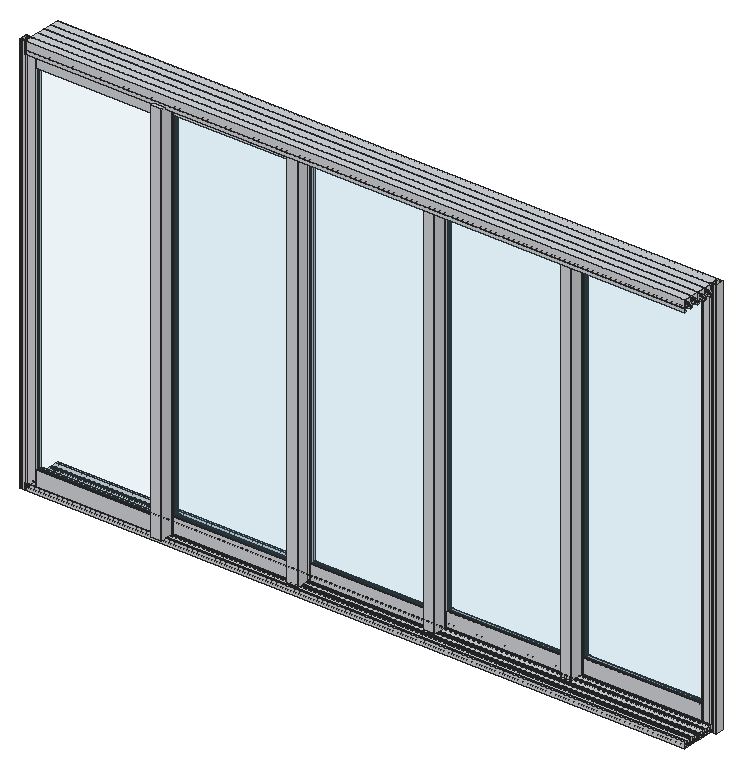
Revit family "MT-HB_SLIDING DOOR_XXXXX", category Doors, host Wall, Revit 2017 (continued)
Definition of nested family "HB_SLIDING_GLAZED PANEL_XXX"
  Definition of nested family "DETAIL_SGL_HB_BOTTOM RAIL"
    Lines and regions (mm)
      model lines, in view "Ref. Level"
        curve 75: line (-10.3, -8.2, 0) -> (-11.434, -8.2, 0)
        curve 76: line (-11.43, -2.8, 0) -> (-10.3, -2.8, 0)
        curve 77: line (-10.3, -2.8, 0) -> (-10.3, -3.505, 0)
        curve 78: line (-9.5, -3.505, 0) -> (-9.5, -2, 0)
        curve 79: line (-9.9, -1.6, 0) -> (-12.3, -1.6, 0)
        curve 80: line (-12.7, -1.2, 0) -> (-12.7, -0.4, 0)
        curve 81: line (-13.1, 0, 0) -> (-22.1, 0, 0)
        curve 82: line (-22.5, -0.4, 0) -> (-22.5, -119.502, 0)
        curve 83: line (-22, -120.002, 0) -> (-21, -120.002, 0)
        curve 84: line (-20.5, -119.502, 0) -> (-20.5, -72.999, 0)
        curve 85: line (-20, -72.499, 0) -> (-13.75, -72.499, 0)
        curve 86: line (-13.75, -72.499, 0) -> (-13.25, -71.999, 0)
        curve 87: line (-13.25, -71.999, 0) -> (-12.75, -72.499, 0)
        curve 88: line (-12.75, -72.499, 0) -> (12.75, -72.499, 0)
        curve 89: line (12.75, -72.499, 0) -> (13.25, -71.999, 0)
        curve 90: line (13.25, -71.999, 0) -> (13.75, -72.499, 0)
        curve 91: line (13.75, -72.499, 0) -> (20, -72.499, 0)
        curve 92: line (-15.5, -26.199, 0) -> (-15.5, -22.502, 0)
        curve 93: line (-16, -22.002, 0) -> (-20, -22.002, 0)
        curve 94: line (-20.5, -22.502, 0) -> (-20.5, -34.548, 0)
        curve 95: line (-20.368, -34.735, 0) -> (-19.097, -35.198, 0)
        curve 96: line (-19.097, -35.762, 0) -> (-20.368, -36.225, 0)
        curve 97: line (-20.5, -36.412, 0) -> (-20.5, -60.286, 0)
        curve 98: line (-20.368, -60.474, 0) -> (-19.097, -60.937, 0)
        curve 99: line (-19.097, -61.5, 0) -> (-20.368, -61.963, 0)
        curve 100: line (-20.5, -62.151, 0) -> (-20.5, -69.499, 0)
        curve 101: line (-20, -69.999, 0) -> (20, -69.999, 0)
        curve 102: line (20.5, -69.499, 0) -> (20.5, -62.151, 0)
        curve 103: line (20.368, -61.963, 0) -> (19.097, -61.5, 0)
        curve 104: line (19.097, -60.937, 0) -> (20.368, -60.474, 0)
        curve 105: line (20.5, -60.286, 0) -> (20.5, -36.412, 0)
        curve 106: line (20.368, -36.225, 0) -> (19.097, -35.762, 0)
        curve 107: line (19.097, -35.198, 0) -> (20.368, -34.735, 0)
        curve 108: line (20.5, -34.548, 0) -> (20.5, -27.199, 0)
        curve 109: line (20, -26.699, 0) -> (4.606, -26.699, 0)
        curve 110: line (2.106, -24.199, 0) -> (2.106, -22.502, 0)
        curve 111: line (1.606, -22.002, 0) -> (-13, -22.002, 0)
        curve 112: line (-13.5, -22.502, 0) -> (-13.5, -26.199, 0)
        curve 113: line (-14, -26.699, 0) -> (-15, -26.699, 0)
  Definition of nested family "DETAIL_DBL_HB_BOTTOM RAIL"
    Reference planes
      plane 1 "Center (Front/Back)": y = 0
      plane 2: z = 0
      plane 3 "Center (Left/Right)": x = 0
      plane 4: x = -22.5
      plane 5: x = 22.5
      plane 6: y = -120.002
    Lines and regions (mm)
      model lines, in view "Ref. Level"
        curve 1: arc (-19.097, -35.762, 0) -> (-18.9, -35.48, 0) -> (-19.097, -35.198, 0) r 0.3
        curve 2: arc (-20.368, -34.735, 0) -> (-20.464, -34.662, 0) -> (-20.5, -34.548, 0) r 0.2
        curve 3: arc (-20.5, -22.502, 0) -> (-20.354, -22.149, 0) -> (-20, -22.002, 0) r 0.5
        curve 4: arc (-16, -22.002, 0) -> (-15.646, -22.149, 0) -> (-15.5, -22.502, 0) r 0.5
        curve 5: arc (-15.5, -26.199, 0) -> (-15.354, -26.553, 0) -> (-15, -26.699, 0) r 0.5
        curve 6: arc (-14, -26.699, 0) -> (-13.646, -26.553, 0) -> (-13.5, -26.199, 0) r 0.5
        curve 7: arc (-13.5, -22.502, 0) -> (-13.354, -22.149, 0) -> (-13, -22.002, 0) r 0.5
        curve 8: arc (1.606, -22.002, 0) -> (1.96, -22.149, 0) -> (2.106, -22.502, 0) r 0.5
        curve 9: arc (2.106, -24.199, 0) -> (2.839, -25.967, 0) -> (4.606, -26.699, 0) r 2.5
        curve 10: arc (20, -26.699, 0) -> (20.354, -26.846, 0) -> (20.5, -27.199, 0) r 0.5
        curve 11: arc (20.5, -34.548, 0) -> (20.464, -34.662, 0) -> (20.368, -34.735, 0) r 0.2
        curve 12: arc (19.097, -35.198, 0) -> (18.9, -35.48, 0) -> (19.097, -35.762, 0) r 0.3
        curve 13: arc (20.368, -36.225, 0) -> (20.464, -36.298, 0) -> (20.5, -36.412, 0) r 0.2
        curve 14: arc (20.5, -60.286, 0) -> (20.464, -60.401, 0) -> (20.368, -60.474, 0) r 0.2
        curve 15: arc (19.097, -60.937, 0) -> (18.9, -61.219, 0) -> (19.097, -61.5, 0) r 0.3
        curve 16: arc (20.368, -61.963, 0) -> (20.464, -62.036, 0) -> (20.5, -62.151, 0) r 0.2
        curve 17: arc (20.5, -69.499, 0) -> (20.354, -69.853, 0) -> (20, -69.999, 0) r 0.5
        curve 18: arc (-20, -69.999, 0) -> (-20.354, -69.853, 0) -> (-20.5, -69.499, 0) r 0.5
        curve 19: arc (-20.5, -62.151, 0) -> (-20.464, -62.036, 0) -> (-20.368, -61.963, 0) r 0.2
        curve 20: arc (-19.097, -61.5, 0) -> (-18.9, -61.219, 0) -> (-19.097, -60.937, 0) r 0.3
        curve 21: arc (-20.368, -60.474, 0) -> (-20.464, -60.401, 0) -> (-20.5, -60.286, 0) r 0.2
        curve 22: arc (-20.5, -36.412, 0) -> (-20.464, -36.298, 0) -> (-20.368, -36.225, 0) r 0.2
        curve 23: arc (-19.5, -6.999, 0) -> (-19.854, -6.852, 0) -> (-20, -6.499, 0) r 0.5
        curve 24: arc (-20, -4.499, 0) -> (-19.854, -4.145, 0) -> (-19.5, -3.999, 0) r 0.5
        curve 25: arc (-18.448, -3.999, 0) -> (-18.319, -3.958, 0) -> (-18.246, -3.843, 0) r 0.2
        curve 26: arc (-18.246, -3.843, 0) -> (-18.106, -3.315, 0) -> (-17.93, -2.799, 0) r 7.567
        curve 27: arc (-16.8, -3.49, 0) -> (-16.408, -3.905, 0) -> (-16, -3.505, 0) r 0.4
        curve 28: arc (-16, -2, 0) -> (-16.117, -1.717, 0) -> (-16.4, -1.6, 0) r 0.4
        curve 29: arc (-18.8, -1.6, 0) -> (-19.154, -1.454, 0) -> (-19.3, -1.1, 0) r 0.5
        curve 30: arc (-19.3, -0.4, 0) -> (-19.417, -0.117, 0) -> (-19.7, 0, 0) r 0.4
        curve 31: arc (-22.1, 0, 0) -> (-22.383, -0.117, 0) -> (-22.5, -0.4, 0) r 0.4
        curve 32: arc (-22.5, -119.502, 0) -> (-22.354, -119.856, 0) -> (-22, -120.002, 0) r 0.5
        curve 33: arc (-21, -120.002, 0) -> (-20.646, -119.856, 0) -> (-20.5, -119.502, 0) r 0.5
        curve 34: arc (-20.5, -72.999, 0) -> (-20.354, -72.646, 0) -> (-20, -72.499, 0) r 0.5
        curve 35: arc (20, -72.499, 0) -> (20.354, -72.646, 0) -> (20.5, -72.999, 0) r 0.5
        curve 36: arc (20.5, -119.502, 0) -> (20.646, -119.856, 0) -> (21, -120.002, 0) r 0.5
        curve 37: arc (22.1, -120.002, 0) -> (22.414, -119.844, 0) -> (22.5, -119.502, 0) r 0.423
        curve 38: arc (22.5, -20.199, 0) -> (22.441, -20.058, 0) -> (22.3, -19.999, 0) r 0.2
        curve 39: arc (19.454, -22.146, 0) -> (19.345, -22.691, 0) -> (19.807, -22.999, 0) r 0.5
        curve 40: arc (20.511, -22.999, 0) -> (20.652, -23.058, 0) -> (20.711, -23.199, 0) r 0.2
        curve 41: arc (20.711, -24.399, 0) -> (20.623, -24.611, 0) -> (20.411, -24.699, 0) r 0.3
        curve 42: arc (4.606, -24.699, 0) -> (4.253, -24.553, 0) -> (4.106, -24.199, 0) r 0.5
        curve 43: arc (4.106, -22.199, 0) -> (4.253, -21.846, 0) -> (4.606, -21.699, 0) r 0.5
        curve 44: arc (5.371, -21.699, 0) -> (5.562, -21.737, 0) -> (5.725, -21.846, 0) r 0.5
        curve 45: arc (6.187, -22.308, 0) -> (6.328, -22.366, 0) -> (6.47, -22.308, 0) r 0.2
        curve 46: arc (6.823, -21.954, 0) -> (6.931, -21.792, 0) -> (6.97, -21.601, 0) r 0.5
        curve 47: arc (6.97, -20.499, 0) -> (6.842, -20.165, 0) -> (6.524, -20.002, 0) r 0.5
        curve 48: arc (-20, -20.002, 0) -> (-20.354, -19.856, 0) -> (-20.5, -19.502, 0) r 0.5
        curve 49: arc (-20.5, -8.615, 0) -> (-20.302, -8.217, 0) -> (-19.864, -8.134, 0) r 0.5
        curve 50: arc (-19.864, -8.134, 0) -> (-19.697, -8.173, 0) -> (-19.528, -8.194, 0) r 1.7
        curve 51: arc (-19.528, -8.194, 0) -> (-19.264, -8.294, 0) -> (-19.097, -8.521, 0) r 0.5
        curve 52: arc (-19.097, -8.521, 0) -> (-18.947, -8.902, 0) -> (-18.779, -9.276, 0) r 8.767
        curve 53: arc (-18.779, -9.276, 0) -> (-18.706, -9.359, 0) -> (-18.599, -9.39, 0) r 0.2
        curve 54: arc (-17.097, -9.39, 0) -> (-16.898, -9.465, 0) -> (-16.8, -9.654, 0) r 0.3
        curve 55: arc (-16.8, -9.654, 0) -> (-16.379, -10.006, 0) -> (-16.002, -9.606, 0) r 0.4
        curve 56: arc (-16.002, -7.521, 0) -> (-16.389, -7.095, 0) -> (-16.802, -7.495, 0) r 0.4
        curve 57: line (-20.368, -36.225, 0) -> (-19.097, -35.762, 0)
        curve 58: line (-19.097, -35.198, 0) -> (-20.368, -34.735, 0)
        curve 59: line (-20.5, -34.548, 0) -> (-20.5, -22.502, 0)
        curve 60: line (-20, -22.002, 0) -> (-16, -22.002, 0)
        curve 61: line (-15.5, -22.502, 0) -> (-15.5, -26.199, 0)
        curve 62: line (-15, -26.699, 0) -> (-14, -26.699, 0)
        curve 63: line (-13.5, -26.199, 0) -> (-13.5, -22.502, 0)
        curve 64: line (-13, -22.002, 0) -> (1.606, -22.002, 0)
        curve 65: line (2.106, -22.502, 0) -> (2.106, -24.199, 0)
        curve 66: line (4.606, -26.699, 0) -> (20, -26.699, 0)
        curve 67: line (20.5, -27.199, 0) -> (20.5, -34.548, 0)
        curve 68: line (20.368, -34.735, 0) -> (19.097, -35.198, 0)
        curve 69: line (19.097, -35.762, 0) -> (20.368, -36.225, 0)
        curve 70: line (20.5, -36.412, 0) -> (20.5, -60.286, 0)
        curve 71: line (20.368, -60.474, 0) -> (19.097, -60.937, 0)
        curve 72: line (19.097, -61.5, 0) -> (20.368, -61.963, 0)
        curve 73: line (20.5, -62.151, 0) -> (20.5, -69.499, 0)
        curve 74: line (20, -69.999, 0) -> (-20, -69.999, 0)
        curve 75: line (-20.5, -69.499, 0) -> (-20.5, -62.151, 0)
        curve 76: line (-20.368, -61.963, 0) -> (-19.097, -61.5, 0)
        curve 77: line (-19.097, -60.937, 0) -> (-20.368, -60.474, 0)
        curve 78: line (-20.5, -60.286, 0) -> (-20.5, -36.412, 0)
        curve 79: line (-18.444, -6.999, 0) -> (-19.5, -6.999, 0)
        curve 80: line (-20, -6.499, 0) -> (-20, -4.499, 0)
        curve 81: line (-19.5, -3.999, 0) -> (-18.448, -3.999, 0)
        curve 82: line (-17.93, -2.799, 0) -> (-16.8, -2.799, 0)
        curve 83: line (-16.8, -2.799, 0) -> (-16.8, -3.49, 0)
        curve 84: line (-16, -3.505, 0) -> (-16, -2, 0)
        curve 85: line (-16.4, -1.6, 0) -> (-18.8, -1.6, 0)
        curve 86: line (-19.3, -1.1, 0) -> (-19.3, -0.4, 0)
        curve 87: line (-19.7, 0, 0) -> (-22.1, 0, 0)
        curve 88: line (-22.5, -0.4, 0) -> (-22.5, -119.502, 0)
        curve 89: line (-22, -120.002, 0) -> (-21, -120.002, 0)
        curve 90: line (-20.5, -119.502, 0) -> (-20.5, -72.999, 0)
        curve 91: line (-20, -72.499, 0) -> (-13.75, -72.499, 0)
        curve 92: line (-13.75, -72.499, 0) -> (-13.25, -71.999, 0)
        curve 93: line (-13.25, -71.999, 0) -> (-12.75, -72.499, 0)
        curve 94: line (-12.75, -72.499, 0) -> (12.75, -72.499, 0)
        curve 95: line (12.75, -72.499, 0) -> (13.25, -71.999, 0)
        curve 96: line (13.25, -71.999, 0) -> (13.75, -72.499, 0)
        curve 97: line (13.75, -72.499, 0) -> (20, -72.499, 0)
        curve 98: line (20.5, -72.999, 0) -> (20.5, -119.502, 0)
        curve 99: line (21, -120.002, 0) -> (22.1, -120.002, 0)
        curve 100: line (22.5, -119.502, 0) -> (22.5, -20.199, 0)
        curve 101: line (22.3, -19.999, 0) -> (21.683, -19.999, 0)
        curve 102: line (21.683, -19.999, 0) -> (19.454, -22.146, 0)
        curve 103: line (19.807, -22.999, 0) -> (20.511, -22.999, 0)
        curve 104: line (20.711, -23.199, 0) -> (20.711, -24.399, 0)
        curve 105: line (20.411, -24.699, 0) -> (13.75, -24.699, 0)
        curve 106: line (13.75, -24.699, 0) -> (13.25, -25.199, 0)
        curve 107: line (13.25, -25.199, 0) -> (12.75, -24.699, 0)
        curve 108: line (12.75, -24.699, 0) -> (4.606, -24.699, 0)
        curve 109: line (4.106, -24.199, 0) -> (4.106, -22.199, 0)
        curve 110: line (4.606, -21.699, 0) -> (5.371, -21.699, 0)
        curve 111: line (5.725, -21.846, 0) -> (6.187, -22.308, 0)
        curve 112: line (6.47, -22.308, 0) -> (6.823, -21.954, 0)
        curve 113: line (6.97, -21.601, 0) -> (6.97, -20.499, 0)
        curve 114: line (6.524, -20.002, 0) -> (-20, -20.002, 0)
        curve 115: line (-20.5, -19.502, 0) -> (-20.5, -8.615, 0)
        curve 116: line (-18.599, -9.39, 0) -> (-17.097, -9.39, 0)
        curve 117: line (-16.002, -9.606, 0) -> (-16.002, -7.521, 0)
        curve 118: line (-16.802, -7.495, 0) -> (-16.802, -8.2, 0)
        curve 119: line (-16.802, -8.2, 0) -> (-17.936, -8.2, 0)
        curve 120: arc (-17.936, -8.2, 0) -> (-18.111, -7.683, 0) -> (-18.249, -7.155, 0) r 7.567
        curve 121: arc (-18.249, -7.155, 0) -> (-18.319, -7.043, 0) -> (-18.444, -6.999, 0) r 0.2
    Dimensions and locks
      aligned and locked: plane 1 "Center (Front/Back)" to import instance
    Automatic sketch dimensions
      curve 9 to curve 42 = 0 mm  (x3)
      curve 23 to curve 50 = 0.1 mm
      curve 23 to curve 50 = 0 mm
      curve 26 to curve 120 = 0 mm  (x2)
      curve 32 to plane 4 = 0 mm
      plane 1 "Center (Front/Back)" to curve 87 = 0 mm
      curve 32 to plane 6 = 0 mm
      curve 99 to plane 6 = 0 mm
      curve 100 to plane 5 = 0 mm
      plane 4 to curve 87 = 0.4 mm
      curve 88 to curve 32 = 0.5 mm
      plane 6 to curve 33 = 0.5 mm
      curve 32 to curve 33 = 1 mm
      plane 4 to curve 115 = 2 mm
      plane 4 to curve 59 = 2 mm
      curve 78 to curve 2 = 0 mm
      curve 75 to curve 78 = 0 mm
      curve 78 to curve 77 = 0.132 mm
      curve 59 to curve 58 = 0.132 mm
      curve 78 to curve 57 = 0.132 mm
      curve 75 to curve 76 = 0.132 mm
      curve 78 to curve 21 = 0.2 mm
      curve 59 to curve 2 = 0.2 mm
      curve 75 to curve 19 = 0.2 mm
      curve 78 to curve 22 = 0.2 mm
      curve 115 to curve 49 = 0.5 mm
      curve 115 to curve 48 = 0.5 mm
      curve 3 to curve 60 = 0.5 mm
      curve 34 to curve 34 = 0.5 mm
      curve 75 to curve 74 = 0.5 mm
      curve 49 to curve 80 = 0 mm
      plane 1 "Center (Front/Back)" to curve 30 = 0.4 mm
      curve 31 to curve 30 = 2.4 mm
      curve 49 to curve 51 = 0.434 mm
      curve 24 to curve 24 = 0.5 mm
      curve 80 to curve 23 = 0.5 mm
      curve 2 to curve 1 = 1.168 mm
      curve 19 to curve 20 = 1.168 mm
      curve 20 to curve 77 = 0.103 mm
      curve 1 to curve 57 = 0.103 mm
      curve 1 to curve 58 = 0.103 mm
      curve 20 to curve 76 = 0.103 mm
      curve 29 to curve 29 = 0.5 mm
      curve 51 to curve 53 = 0.967 mm
      curve 24 to curve 81 = 1.052 mm
      curve 50 to curve 79 = 0.956 mm
      curve 81 to curve 25 = 0.008 mm
      curve 121 to curve 119 = 0.509 mm
      curve 25 to curve 82 = 0.511 mm
      curve 119 to curve 116 = 0.838 mm
      curve 120 to curve 118 = 1.134 mm
      curve 26 to curve 82 = 1.13 mm
      curve 54 to curve 55 = 0.695 mm
      curve 118 to curve 56 = 0.4 mm
      curve 82 to curve 28 = 0.4 mm
      curve 27 to curve 27 = 0.4 mm
      curve 56 to curve 117 = 0.399 mm
      curve 28 to curve 84 = 0.4 mm
      curve 3 to curve 60 = 4 mm
      curve 4 to curve 61 = 0.5 mm
      curve 5 to curve 62 = 0.5 mm
      curve 5 to curve 6 = 1 mm
      curve 91 to curve 92 = 6.25 mm
      curve 6 to curve 63 = 0.5 mm
      curve 91 to curve 92 = 0.5 mm
      curve 7 to curve 64 = 0.5 mm
      curve 92 to curve 93 = 0.5 mm
      curve 27 to curve 52 = 5.136 mm
      curve 52 to curve 120 = 0 mm
      plane 3 "Center (Left/Right)" to curve 64 = 1.606 mm
      curve 8 to curve 65 = 0.5 mm
      curve 9 to curve 109 = 2 mm
      curve 42 to curve 42 = 0.5 mm
      curve 43 to curve 110 = 0.5 mm
      curve 43 to curve 44 = 0.765 mm
      curve 44 to curve 111 = 0.354 mm
      curve 111 to curve 111 = 0.462 mm
      curve 111 to curve 45 = 0.141 mm  (x2)
      curve 44 to curve 47 = 0.745 mm
      curve 45 to curve 112 = 0.141 mm
      curve 45 to curve 46 = 0.141 mm
      curve 47 to curve 114 = 0.054 mm
      curve 46 to curve 112 = 0.354 mm
      curve 47 to curve 113 = 0.5 mm
      curve 94 to plane 5 = 9.75 mm
      curve 112 to curve 107 = 5.927 mm
      curve 94 to curve 96 = 0.5 mm
      curve 107 to curve 107 = 0.5 mm  (x2)
      curve 106 to curve 106 = 0.5 mm
      curve 95 to curve 97 = 0.5 mm
      curve 71 to plane 5 = 3.403 mm
      curve 68 to curve 69 = 0 mm
      curve 72 to curve 71 = 0 mm
      curve 68 to curve 12 = 0.103 mm
      curve 71 to curve 15 = 0.103 mm
      curve 102 to plane 5 = 3.046 mm
      curve 39 to curve 39 = 0.354 mm
      curve 10 to plane 5 = 2.5 mm
      curve 17 to plane 5 = 2.5 mm
      curve 35 to plane 5 = 2.5 mm
      curve 15 to curve 14 = 1.203 mm
      curve 72 to curve 16 = 1.203 mm
      curve 12 to curve 13 = 1.203 mm
      curve 68 to curve 11 = 1.203 mm
      curve 11 to curve 68 = 0.068 mm
      curve 13 to curve 69 = 0.068 mm
      curve 14 to curve 71 = 0.068 mm
      curve 16 to curve 72 = 0.068 mm
      curve 103 to curve 41 = 0.604 mm
      curve 16 to curve 73 = 0.2 mm
      curve 14 to curve 70 = 0.2 mm
      curve 11 to curve 67 = 0.2 mm
      curve 35 to curve 98 = 0.5 mm
      curve 103 to curve 40 = 0.704 mm
      curve 40 to curve 104 = 0.2 mm
      curve 36 to curve 36 = 0.5 mm
      curve 101 to plane 5 = 0.817 mm
      curve 37 to plane 5 = 0.416 mm
      curve 99 to plane 5 = 0.4 mm
      curve 101 to plane 5 = 0.2 mm
      plane 6 to curve 37 = 0.423 mm
      curve 33 to curve 90 = 46.503 mm
      curve 98 to curve 91 = 0.5 mm
      curve 91 to curve 93 = 0 mm
      curve 91 to curve 74 = 2.5 mm
      curve 73 to curve 16 = 7.348 mm
      curve 18 to curve 19 = 7.348 mm
      curve 19 to curve 76 = 0.463 mm
      curve 16 to curve 72 = 0.463 mm
      curve 20 to curve 20 = 0.282 mm
      curve 15 to curve 15 = 0.282 mm
      curve 77 to curve 77 = 0.463 mm
      curve 71 to curve 71 = 0.463 mm
      curve 21 to curve 22 = 23.874 mm
      curve 14 to curve 13 = 23.874 mm
      curve 13 to curve 69 = 0.463 mm
      curve 22 to curve 57 = 0.463 mm
      curve 69 to curve 12 = 0.282 mm
      curve 57 to curve 1 = 0.282 mm
      curve 1 to curve 58 = 0.463 mm
      curve 68 to curve 68 = 0.463 mm
      curve 67 to curve 67 = 7.348 mm
      curve 1 to curve 62 = 8.499 mm
      curve 104 to curve 104 = 1.2 mm
      curve 9 to curve 65 = 1.697 mm
      curve 61 to curve 7 = 0 mm
      curve 39 to curve 39 = 0.5 mm
      curve 42 to curve 112 = 1.891 mm
      curve 42 to curve 109 = 2 mm
      curve 44 to curve 44 = 0.5 mm
      curve 112 to curve 112 = 0.354 mm
      curve 46 to curve 113 = 1.101 mm
      curve 40 to curve 100 = 2.8 mm
      curve 54 to curve 30 = 9.29 mm
      curve 54 to curve 55 = 0.083 mm
      curve 54 to curve 116 = 0.3 mm
      curve 53 to curve 53 = 0.2 mm
      curve 53 to curve 51 = 0.497 mm
      curve 51 to curve 115 = 0.077 mm
      curve 54 to curve 118 = 1.19 mm
      curve 118 to curve 117 = 0.679 mm
      curve 120 to curve 121 = 1.001 mm
      curve 121 to curve 79 = 0.2 mm
      curve 79 to curve 23 = 0.5 mm
      curve 56 to curve 52 = 2.014 mm
      curve 52 to curve 26 = 0 mm
      curve 80 to curve 80 = 2 mm
      curve 81 to curve 25 = 0.2 mm
      curve 25 to curve 84 = 0.338 mm
      curve 25 to curve 82 = 1.044 mm
      curve 82 to curve 28 = 0.799 mm
      curve 50 to curve 49 = 0 mm
      curve 51 to curve 50 = 0 mm
      curve 79 to curve 23 = 0 mm
      curve 23 to curve 79 = 0 mm
      curve 52 to curve 51 = 0 mm
      curve 114 to curve 48 = 0 mm
      curve 69 to curve 13 = 1.403 mm
  Definition of nested family "DETAIL_HB106_DBL_INTERLOCK"
    Reference planes
      plane 1 "Center (Front/Back)": y = 0
      plane 2: z = 0
      plane 3 "Center (Left/Right)": x = 0
    Lines and regions (mm)
      detail lines, in view "Ref. Level"
        curve 1: arc (76.142, -18.25, 0) -> (75.86, -18.425, 0) -> (75.75, -18.738, 0) r 0.5
        curve 2: arc (75.75, -19, 0) -> (75.604, -19.354, 0) -> (75.25, -19.5, 0) r 0.5
        curve 3: arc (73.75, -19.5, 0) -> (73.396, -19.354, 0) -> (73.25, -19, 0) r 0.5
        curve 4: arc (73.25, -18.738, 0) -> (73.14, -18.425, 0) -> (72.858, -18.25, 0) r 0.5
        curve 5: arc (72.858, -18.25, 0) -> (72.394, -18.131, 0) -> (71.937, -17.983, 0) r 7.567
        curve 6: arc (71.937, -17.983, 0) -> (71.841, -17.91, 0) -> (71.805, -17.795, 0) r 0.2
        curve 7: arc (71.805, -17.2, 0) -> (71.922, -16.917, 0) -> (72.205, -16.8, 0) r 0.4
        curve 8: arc (72.7, -16.8, 0) -> (72.841, -16.741, 0) -> (72.9, -16.6, 0) r 0.2
        curve 9: arc (72.9, -16.2, 0) -> (72.841, -16.059, 0) -> (72.7, -16, 0) r 0.2
        curve 10: arc (69.205, -16, 0) -> (68.922, -16.117, 0) -> (68.805, -16.4, 0) r 0.4
        curve 11: arc (68.805, -17.558, 0) -> (68.859, -17.758, 0) -> (69.005, -17.904, 0) r 0.4
        curve 12: arc (69.9, -18.421, 0) -> (70.046, -18.567, 0) -> (70.1, -18.767, 0) r 0.4
        curve 13: arc (70.1, -20.1, 0) -> (69.983, -20.383, 0) -> (69.7, -20.5, 0) r 0.4
        curve 14: arc (69.7, 20.5, 0) -> (69.983, 20.383, 0) -> (70.1, 20.1, 0) r 0.4
        curve 15: arc (70.1, 18.767, 0) -> (70.046, 18.567, 0) -> (69.9, 18.421, 0) r 0.4
        curve 16: arc (69.005, 17.904, 0) -> (68.859, 17.758, 0) -> (68.805, 17.558, 0) r 0.4
        curve 17: arc (68.805, 16.4, 0) -> (68.922, 16.117, 0) -> (69.205, 16, 0) r 0.4
        curve 18: arc (72.7, 16, 0) -> (72.841, 16.059, 0) -> (72.9, 16.2, 0) r 0.2
        curve 19: arc (72.9, 16.6, 0) -> (72.841, 16.741, 0) -> (72.7, 16.8, 0) r 0.2
        curve 20: arc (72.205, 16.8, 0) -> (71.922, 16.917, 0) -> (71.805, 17.2, 0) r 0.4
        curve 21: arc (71.805, 17.795, 0) -> (71.841, 17.91, 0) -> (71.937, 17.983, 0) r 0.2
        curve 22: arc (71.937, 17.983, 0) -> (72.394, 18.131, 0) -> (72.858, 18.25, 0) r 7.567
        curve 23: arc (72.858, 18.25, 0) -> (73.14, 18.425, 0) -> (73.25, 18.738, 0) r 0.5
        curve 24: arc (73.25, 19, 0) -> (73.396, 19.354, 0) -> (73.75, 19.5, 0) r 0.5
        curve 25: arc (75.25, 19.5, 0) -> (75.604, 19.354, 0) -> (75.75, 19, 0) r 0.5
        curve 26: arc (75.75, 18.738, 0) -> (75.86, 18.425, 0) -> (76.142, 18.25, 0) r 0.5
        curve 27: arc (76.142, 18.25, 0) -> (76.612, 18.129, 0) -> (77.073, 17.979, 0) r 7.567
        curve 28: arc (77.073, 17.979, 0) -> (77.169, 17.906, 0) -> (77.205, 17.791, 0) r 0.2
        curve 29: arc (77.205, 17.2, 0) -> (77.088, 16.917, 0) -> (76.805, 16.8, 0) r 0.4
        curve 30: arc (76.3, 16.8, 0) -> (76.159, 16.741, 0) -> (76.1, 16.6, 0) r 0.2
        curve 31: arc (76.1, 16.2, 0) -> (76.159, 16.059, 0) -> (76.3, 16, 0) r 0.2
        curve 32: arc (78, 16, 0) -> (78.283, 16.117, 0) -> (78.4, 16.4, 0) r 0.4
        curve 33: arc (78.4, 18.7, 0) -> (78.546, 19.054, 0) -> (78.9, 19.2, 0) r 0.5
        curve 34: arc (79.6, 19.2, 0) -> (79.883, 19.317, 0) -> (80, 19.6, 0) r 0.4
        curve 35: arc (80, 22, 0) -> (79.854, 22.354, 0) -> (79.5, 22.5, 0) r 0.5
        curve 36: arc (79.5, -22.5, 0) -> (79.854, -22.354, 0) -> (80, -22, 0) r 0.5
        curve 37: arc (80, -19.6, 0) -> (79.883, -19.317, 0) -> (79.6, -19.2, 0) r 0.4
        curve 38: arc (78.9, -19.2, 0) -> (78.546, -19.054, 0) -> (78.4, -18.7, 0) r 0.5
        curve 39: arc (78.4, -16.4, 0) -> (78.283, -16.117, 0) -> (78, -16, 0) r 0.4
        curve 40: arc (76.3, -16, 0) -> (76.159, -16.059, 0) -> (76.1, -16.2, 0) r 0.2
        curve 41: arc (76.1, -16.6, 0) -> (76.159, -16.741, 0) -> (76.3, -16.8, 0) r 0.2
        curve 42: arc (76.805, -16.8, 0) -> (77.088, -16.917, 0) -> (77.205, -17.2, 0) r 0.4
        curve 43: line (75.75, -18.738, 0) -> (75.75, -19, 0)
        curve 44: line (75.25, -19.5, 0) -> (73.75, -19.5, 0)
        curve 45: line (73.25, -19, 0) -> (73.25, -18.738, 0)
        curve 46: line (71.805, -17.795, 0) -> (71.805, -17.2, 0)
        curve 47: line (72.205, -16.8, 0) -> (72.7, -16.8, 0)
        curve 48: line (72.9, -16.6, 0) -> (72.9, -16.2, 0)
        curve 49: line (72.7, -16, 0) -> (69.205, -16, 0)
        curve 50: line (68.805, -16.4, 0) -> (68.805, -17.558, 0)
        curve 51: line (69.005, -17.904, 0) -> (69.9, -18.421, 0)
        curve 52: line (70.1, -18.767, 0) -> (70.1, -20.1, 0)
        curve 53: line (69.7, -20.5, 0) -> (51, -20.5, 0)
        curve 54: line (51, 20.5, 0) -> (69.7, 20.5, 0)
        curve 55: line (70.1, 20.1, 0) -> (70.1, 18.767, 0)
        curve 56: line (69.9, 18.421, 0) -> (69.005, 17.904, 0)
        curve 57: line (68.805, 17.558, 0) -> (68.805, 16.4, 0)
        curve 58: line (69.205, 16, 0) -> (72.7, 16, 0)
        curve 59: line (72.9, 16.2, 0) -> (72.9, 16.6, 0)
        curve 60: line (72.7, 16.8, 0) -> (72.205, 16.8, 0)
        curve 61: line (71.805, 17.2, 0) -> (71.805, 17.795, 0)
        curve 62: line (73.25, 18.738, 0) -> (73.25, 19, 0)
        curve 63: line (73.75, 19.5, 0) -> (75.25, 19.5, 0)
        curve 64: line (75.75, 19, 0) -> (75.75, 18.738, 0)
        curve 65: line (77.205, 17.791, 0) -> (77.205, 17.2, 0)
        curve 66: line (76.805, 16.8, 0) -> (76.3, 16.8, 0)
        curve 67: line (76.1, 16.6, 0) -> (76.1, 16.2, 0)
        curve 68: line (76.3, 16, 0) -> (78, 16, 0)
        curve 69: line (78.4, 16.4, 0) -> (78.4, 18.7, 0)
        curve 70: line (78.9, 19.2, 0) -> (79.6, 19.2, 0)
        curve 71: line (80, 19.6, 0) -> (80, 22, 0)
        curve 72: line (80, -22, 0) -> (80, -19.6, 0)
        curve 73: line (79.6, -19.2, 0) -> (78.9, -19.2, 0)
        curve 74: line (78.4, -18.7, 0) -> (78.4, -16.4, 0)
        curve 75: line (78, -16, 0) -> (76.3, -16, 0)
        curve 76: line (76.1, -16.2, 0) -> (76.1, -16.6, 0)
        curve 77: line (76.3, -16.8, 0) -> (76.805, -16.8, 0)
        curve 78: line (77.205, -17.2, 0) -> (77.205, -17.791, 0)
        curve 79: arc (77.205, -17.791, 0) -> (77.169, -17.906, 0) -> (77.073, -17.979, 0) r 0.2
        curve 80: arc (77.073, -17.979, 0) -> (76.612, -18.129, 0) -> (76.142, -18.25, 0) r 7.567
        curve 81: arc (3.5, 22.5, 0) -> (1.025, 21.475, 0) -> (0, 19, 0) r 3.5
        curve 82: arc (0, -33.55, 0) -> (0.879, -35.671, 0) -> (3, -36.55, 0) r 3
        curve 83: arc (5.67, -36.55, 0) -> (6.17, -36.05, 0) -> (5.67, -35.55, 0) r 0.5
        curve 84: arc (11.27, -35.55, 0) -> (10.77, -36.05, 0) -> (11.27, -36.55, 0) r 0.5
        curve 85: arc (13.42, -36.55, 0) -> (13.632, -36.462, 0) -> (13.72, -36.25, 0) r 0.3
        curve 86: arc (13.72, -33.254, 0) -> (13.427, -32.547, 0) -> (12.72, -32.254, 0) r 1
        curve 87: arc (2.5, -31.254, 0) -> (2.793, -31.962, 0) -> (3.5, -32.254, 0) r 1
        curve 88: arc (3.5, -22.5, 0) -> (2.793, -22.793, 0) -> (2.5, -23.5, 0) r 1
        curve 89: arc (27.976, -23, 0) -> (27.829, -22.646, 0) -> (27.476, -22.5, 0) r 0.5
        curve 90: arc (27.976, -31.1, 0) -> (28.708, -32.868, 0) -> (30.476, -33.6, 0) r 2.5
        curve 91: arc (42.407, -33.6, 0) -> (43.276, -32.79, 0) -> (42.528, -31.867, 0) r 0.871
        curve 92: arc (30.476, -29.303, 0) -> (30.721, -29.959, 0) -> (31.336, -30.294, 0) r 1
        curve 93: arc (30.976, -22.5, 0) -> (30.622, -22.646, 0) -> (30.476, -23, 0) r 0.5
        curve 94: arc (50, -19.5, 0) -> (50.293, -20.207, 0) -> (51, -20.5, 0) r 1
        curve 95: arc (51, 20.5, 0) -> (50.314, 20.228, 0) -> (50.002, 19.559, 0) r 1
        curve 96: arc (36.988, -20, 0) -> (37.138, -19.96, 0) -> (37.248, -19.85, 0) r 0.3
        curve 97: arc (37.508, -19.7, 0) -> (37.358, -19.74, 0) -> (37.248, -19.85, 0) r 0.3
        curve 98: arc (38.988, -20, 0) -> (38.9, -19.788, 0) -> (38.688, -19.7, 0) r 0.3
        curve 99: arc (38.988, -20, 0) -> (39.076, -20.212, 0) -> (39.288, -20.3, 0) r 0.3
        curve 100: arc (40.468, -20.3, 0) -> (40.618, -20.26, 0) -> (40.728, -20.15, 0) r 0.3
        curve 101: arc (40.988, -20, 0) -> (40.838, -20.04, 0) -> (40.728, -20.15, 0) r 0.3
        curve 102: arc (46.5, -20, 0) -> (47.207, -19.707, 0) -> (47.5, -19, 0) r 1
        curve 103: arc (47.5, 19, 0) -> (47.207, 19.707, 0) -> (46.5, 20, 0) r 1
        curve 104: arc (3.5, 20, 0) -> (2.793, 19.707, 0) -> (2.5, 19, 0) r 1
        curve 105: arc (2.5, -19, 0) -> (2.793, -19.707, 0) -> (3.5, -20, 0) r 1
        curve 106: line (79.5, 22.5, 0) -> (3.5, 22.5, 0)
        curve 107: line (0, 19, 0) -> (0, -33.55, 0)
        curve 108: line (3, -36.55, 0) -> (5.67, -36.55, 0)
        curve 109: line (5.67, -35.55, 0) -> (4.72, -35.55, 0)
        curve 110: line (4.72, -35.55, 0) -> (4.72, -34.25, 0)
        curve 111: line (4.72, -34.25, 0) -> (12.22, -34.25, 0)
        curve 112: line (12.22, -34.25, 0) -> (12.22, -35.55, 0)
        curve 113: line (12.22, -35.55, 0) -> (11.27, -35.55, 0)
        curve 114: line (11.27, -36.55, 0) -> (13.42, -36.55, 0)
        curve 115: line (13.72, -36.25, 0) -> (13.72, -33.254, 0)
        curve 116: line (12.72, -32.254, 0) -> (3.5, -32.254, 0)
        curve 117: line (2.5, -31.254, 0) -> (2.5, -23.5, 0)
        curve 118: line (3.5, -22.5, 0) -> (27.476, -22.5, 0)
        curve 119: line (27.976, -23, 0) -> (27.976, -31.1, 0)
        curve 120: line (30.476, -33.6, 0) -> (42.407, -33.6, 0)
        curve 121: line (42.528, -31.867, 0) -> (31.336, -30.294, 0)
        curve 122: line (30.476, -29.303, 0) -> (30.476, -23, 0)
        curve 123: line (30.976, -22.5, 0) -> (79.5, -22.5, 0)
        curve 124: line (50, -19.5, 0) -> (50, -0.383, 0)
        curve 125: line (50, -0.383, 0) -> (49.7, 0, 0)
        curve 126: line (49.7, 0, 0) -> (49.941, 0.241, 0)
        curve 127: line (49.941, 0.241, 0) -> (50.002, 19.559, 0)
        curve 128: line (38.688, -19.7, 0) -> (37.508, -19.7, 0)
        curve 129: line (40.468, -20.3, 0) -> (39.288, -20.3, 0)
        curve 130: line (46.5, -20, 0) -> (40.988, -20, 0)
        curve 131: line (47.5, 19, 0) -> (47.5, -19, 0)
        curve 132: line (3.5, 20, 0) -> (46.5, 20, 0)
        curve 133: line (2.5, -19, 0) -> (2.5, 19, 0)
        curve 134: line (36.988, -20, 0) -> (3.5, -20, 0)
  Definition of nested family "DETAIL_HB106_SGL_ INTERLOCK"
    Reference planes
      plane 1 "Center (Front/Back)": y = 0
      plane 2: z = 0
      plane 3 "Center (Left/Right)": x = 0
    Lines and regions (mm)
      model lines, in view "Ref. Level"
        curve 1: arc (65.782, 13.178, 0) -> (65.585, 13.029, 0) -> (65.483, 12.804, 0) r 0.5
        curve 2: arc (64.942, 9.735, 0) -> (64.986, 9.571, 0) -> (65.139, 9.5, 0) r 0.2
        curve 3: arc (67.7, 9.5, 0) -> (67.841, 9.559, 0) -> (67.9, 9.7, 0) r 0.2
        curve 4: arc (67.9, 10.1, 0) -> (67.841, 10.241, 0) -> (67.7, 10.3, 0) r 0.2
        curve 5: arc (66.805, 10.5, 0) -> (66.864, 10.359, 0) -> (67.005, 10.3, 0) r 0.2
        curve 6: arc (66.937, 11.483, 0) -> (66.841, 11.41, 0) -> (66.805, 11.295, 0) r 0.2
        curve 7: arc (72.073, 11.479, 0) -> (69.505, 11.93, 0) -> (66.937, 11.483, 0) r 7.567
        curve 8: arc (72.205, 11.291, 0) -> (72.169, 11.406, 0) -> (72.073, 11.479, 0) r 0.2
        curve 9: arc (72.005, 10.3, 0) -> (72.146, 10.359, 0) -> (72.205, 10.5, 0) r 0.2
        curve 10: arc (71.3, 10.3, 0) -> (71.159, 10.241, 0) -> (71.1, 10.1, 0) r 0.2
        curve 11: arc (71.1, 9.7, 0) -> (71.159, 9.559, 0) -> (71.3, 9.5, 0) r 0.2
        curve 12: arc (73, 9.5, 0) -> (73.283, 9.617, 0) -> (73.4, 9.9, 0) r 0.4
        curve 13: arc (73.9, 12.7, 0) -> (73.546, 12.554, 0) -> (73.4, 12.2, 0) r 0.5
        curve 14: arc (74.6, 12.7, 0) -> (74.883, 12.817, 0) -> (75, 13.1, 0) r 0.4
        curve 15: arc (75, 22.3, 0) -> (74.941, 22.441, 0) -> (74.8, 22.5, 0) r 0.2
        curve 16: arc (3.5, 22.5, 0) -> (1.025, 21.475, 0) -> (0, 19, 0) r 3.5
        curve 17: arc (0, -33.55, 0) -> (0.879, -35.671, 0) -> (3, -36.55, 0) r 3
        curve 18: arc (5.67, -36.55, 0) -> (6.17, -36.05, 0) -> (5.67, -35.55, 0) r 0.5
        curve 19: arc (11.27, -35.55, 0) -> (10.77, -36.05, 0) -> (11.27, -36.55, 0) r 0.5
        curve 20: arc (13.42, -36.55, 0) -> (13.632, -36.462, 0) -> (13.72, -36.25, 0) r 0.3
        curve 21: arc (13.72, -33.254, 0) -> (13.427, -32.547, 0) -> (12.72, -32.254, 0) r 1
        curve 22: arc (2.5, -31.254, 0) -> (2.793, -31.962, 0) -> (3.5, -32.254, 0) r 1
        curve 23: arc (3.5, -22.5, 0) -> (2.793, -22.793, 0) -> (2.5, -23.5, 0) r 1
        curve 24: arc (27.976, -23, 0) -> (27.829, -22.646, 0) -> (27.476, -22.5, 0) r 0.5
        curve 25: arc (27.976, -31.1, 0) -> (28.708, -32.868, 0) -> (30.476, -33.6, 0) r 2.5
        curve 26: arc (42.407, -33.6, 0) -> (43.276, -32.79, 0) -> (42.528, -31.867, 0) r 0.871
        curve 27: arc (30.476, -29.303, 0) -> (30.721, -29.959, 0) -> (31.336, -30.294, 0) r 1
        curve 28: arc (30.976, -22.5, 0) -> (30.622, -22.646, 0) -> (30.476, -23, 0) r 0.5
        curve 29: arc (74.8, -22.5, 0) -> (74.941, -22.441, 0) -> (75, -22.3, 0) r 0.2
        curve 30: arc (75, -13.1, 0) -> (74.883, -12.817, 0) -> (74.6, -12.7, 0) r 0.4
        curve 31: arc (73.4, -12.2, 0) -> (73.546, -12.554, 0) -> (73.9, -12.7, 0) r 0.5
        curve 32: arc (73.4, -9.9, 0) -> (73.283, -9.617, 0) -> (73, -9.5, 0) r 0.4
        curve 33: arc (71.3, -9.5, 0) -> (71.159, -9.559, 0) -> (71.1, -9.7, 0) r 0.2
        curve 34: arc (71.1, -10.1, 0) -> (71.159, -10.241, 0) -> (71.3, -10.3, 0) r 0.2
        curve 35: arc (72.205, -10.5, 0) -> (72.146, -10.359, 0) -> (72.005, -10.3, 0) r 0.2
        curve 36: arc (72.073, -11.479, 0) -> (72.169, -11.406, 0) -> (72.205, -11.291, 0) r 0.2
        curve 37: arc (66.937, -11.483, 0) -> (69.505, -11.93, 0) -> (72.073, -11.479, 0) r 7.567
        curve 38: arc (66.805, -11.295, 0) -> (66.841, -11.41, 0) -> (66.937, -11.483, 0) r 0.2
        curve 39: arc (67.005, -10.3, 0) -> (66.864, -10.359, 0) -> (66.805, -10.5, 0) r 0.2
        curve 40: arc (67.7, -10.3, 0) -> (67.841, -10.241, 0) -> (67.9, -10.1, 0) r 0.2
        curve 41: arc (67.9, -9.7, 0) -> (67.841, -9.559, 0) -> (67.7, -9.5, 0) r 0.2
        curve 42: arc (65.139, -9.5, 0) -> (64.986, -9.571, 0) -> (64.942, -9.735, 0) r 0.2
        curve 43: arc (65.483, -12.804, 0) -> (65.585, -13.029, 0) -> (65.782, -13.178, 0) r 0.5
        curve 44: arc (65.782, -13.178, 0) -> (68.244, -13.847, 0) -> (70.797, -13.842, 0) r 9.567
        curve 45: arc (72.5, -15.328, 0) -> (71.986, -14.198, 0) -> (70.797, -13.842, 0) r 1.5
        curve 46: arc (71.5, -20, 0) -> (72.207, -19.707, 0) -> (72.5, -19, 0) r 1
        curve 47: arc (50, -19, 0) -> (50.293, -19.707, 0) -> (51, -20, 0) r 1
        curve 48: arc (51, 20, 0) -> (50.293, 19.707, 0) -> (50, 19, 0) r 1
        curve 49: arc (72.5, 19, 0) -> (72.207, 19.707, 0) -> (71.5, 20, 0) r 1
        curve 50: arc (70.797, 13.842, 0) -> (71.986, 14.198, 0) -> (72.5, 15.328, 0) r 1.5
        curve 51: arc (70.797, 13.842, 0) -> (68.244, 13.847, 0) -> (65.782, 13.178, 0) r 9.567
        curve 52: arc (36.988, -20, 0) -> (37.138, -19.96, 0) -> (37.248, -19.85, 0) r 0.3
        curve 53: arc (37.508, -19.7, 0) -> (37.358, -19.74, 0) -> (37.248, -19.85, 0) r 0.3
        curve 54: arc (38.988, -20, 0) -> (38.9, -19.788, 0) -> (38.688, -19.7, 0) r 0.3
        curve 55: arc (38.988, -20, 0) -> (39.076, -20.212, 0) -> (39.288, -20.3, 0) r 0.3
        curve 56: arc (40.468, -20.3, 0) -> (40.618, -20.26, 0) -> (40.728, -20.15, 0) r 0.3
        curve 57: arc (40.988, -20, 0) -> (40.838, -20.04, 0) -> (40.728, -20.15, 0) r 0.3
        curve 58: arc (46.5, -20, 0) -> (47.207, -19.707, 0) -> (47.5, -19, 0) r 1
        curve 59: arc (47.5, 19, 0) -> (47.207, 19.707, 0) -> (46.5, 20, 0) r 1
        curve 60: arc (3.5, 20, 0) -> (2.793, 19.707, 0) -> (2.5, 19, 0) r 1
        curve 61: arc (2.5, -19, 0) -> (2.793, -19.707, 0) -> (3.5, -20, 0) r 1
        curve 62: line (65.483, 12.804, 0) -> (64.942, 9.735, 0)
        curve 63: line (65.139, 9.5, 0) -> (67.7, 9.5, 0)
        curve 64: line (67.9, 9.7, 0) -> (67.9, 10.1, 0)
        curve 65: line (67.7, 10.3, 0) -> (67.005, 10.3, 0)
        curve 66: line (66.805, 10.5, 0) -> (66.805, 11.295, 0)
        curve 67: line (72.205, 11.291, 0) -> (72.205, 10.5, 0)
        curve 68: line (72.005, 10.3, 0) -> (71.3, 10.3, 0)
        curve 69: line (71.1, 10.1, 0) -> (71.1, 9.7, 0)
        curve 70: line (71.3, 9.5, 0) -> (73, 9.5, 0)
        curve 71: line (73.4, 9.9, 0) -> (73.4, 12.2, 0)
        curve 72: line (73.9, 12.7, 0) -> (74.6, 12.7, 0)
        curve 73: line (75, 13.1, 0) -> (75, 22.3, 0)
        curve 74: line (74.8, 22.5, 0) -> (3.5, 22.5, 0)
        curve 75: line (0, 19, 0) -> (0, -33.55, 0)
        curve 76: line (3, -36.55, 0) -> (5.67, -36.55, 0)
        curve 77: line (5.67, -35.55, 0) -> (4.72, -35.55, 0)
        curve 78: line (4.72, -35.55, 0) -> (4.72, -34.25, 0)
        curve 79: line (4.72, -34.25, 0) -> (12.22, -34.25, 0)
        curve 80: line (12.22, -34.25, 0) -> (12.22, -35.55, 0)
        curve 81: line (12.22, -35.55, 0) -> (11.27, -35.55, 0)
        curve 82: line (11.27, -36.55, 0) -> (13.42, -36.55, 0)
        curve 83: line (13.72, -36.25, 0) -> (13.72, -33.254, 0)
        curve 84: line (12.72, -32.254, 0) -> (3.5, -32.254, 0)
        curve 85: line (2.5, -31.254, 0) -> (2.5, -23.5, 0)
        curve 86: line (3.5, -22.5, 0) -> (27.476, -22.5, 0)
        curve 87: line (27.976, -23, 0) -> (27.976, -31.1, 0)
        curve 88: line (30.476, -33.6, 0) -> (42.407, -33.6, 0)
        curve 89: line (42.528, -31.867, 0) -> (31.336, -30.294, 0)
        curve 90: line (30.476, -29.303, 0) -> (30.476, -23, 0)
        curve 91: line (30.976, -22.5, 0) -> (74.8, -22.5, 0)
        curve 92: line (75, -22.3, 0) -> (75, -13.1, 0)
        curve 93: line (74.6, -12.7, 0) -> (73.9, -12.7, 0)
        curve 94: line (73.4, -12.2, 0) -> (73.4, -9.9, 0)
        curve 95: line (73, -9.5, 0) -> (71.3, -9.5, 0)
        curve 96: line (71.1, -9.7, 0) -> (71.1, -10.1, 0)
        curve 97: line (71.3, -10.3, 0) -> (72.005, -10.3, 0)
        curve 98: line (72.205, -10.5, 0) -> (72.205, -11.291, 0)
        curve 99: line (66.805, -11.295, 0) -> (66.805, -10.5, 0)
        curve 100: line (67.005, -10.3, 0) -> (67.7, -10.3, 0)
        curve 101: line (67.9, -10.1, 0) -> (67.9, -9.7, 0)
        curve 102: line (67.7, -9.5, 0) -> (65.139, -9.5, 0)
        curve 103: line (64.942, -9.735, 0) -> (65.483, -12.804, 0)
        curve 104: line (72.5, -15.328, 0) -> (72.5, -19, 0)
        curve 105: line (71.5, -20, 0) -> (51, -20, 0)
        curve 106: line (50, -19, 0) -> (50, -0.383, 0)
        curve 107: line (50, -0.383, 0) -> (49.7, 0, 0)
        curve 108: line (49.7, 0, 0) -> (49.941, 0.241, 0)
        curve 109: line (49.941, 0.241, 0) -> (50, 19, 0)
        curve 110: line (51, 20, 0) -> (71.5, 20, 0)
        curve 111: line (72.5, 19, 0) -> (72.5, 15.328, 0)
        curve 112: line (38.688, -19.7, 0) -> (37.508, -19.7, 0)
        curve 113: line (40.468, -20.3, 0) -> (39.288, -20.3, 0)
        curve 114: line (46.5, -20, 0) -> (40.988, -20, 0)
        curve 115: line (47.5, 19, 0) -> (47.5, -19, 0)
        curve 116: line (3.5, 20, 0) -> (46.5, 20, 0)
        curve 117: line (2.5, -19, 0) -> (2.5, 19, 0)
        curve 118: line (36.988, -20, 0) -> (3.5, -20, 0)
  Definition of nested family "DETAIL_HB107_DBL_MEDIUM INTERLOCK"
    Reference planes
      plane 1 "Center (Front/Back)": y = 0
      plane 2: z = 0
      plane 3 "Center (Left/Right)": x = 0
    Lines and regions (mm)
      detail lines, in view "Ref. Level"
        curve 1: arc (76.142, -18.25, 0) -> (75.86, -18.425, 0) -> (75.75, -18.738, 0) r 0.5
        curve 2: arc (75.75, -19, 0) -> (75.604, -19.354, 0) -> (75.25, -19.5, 0) r 0.5
        curve 3: arc (73.75, -19.5, 0) -> (73.396, -19.354, 0) -> (73.25, -19, 0) r 0.5
        curve 4: arc (73.25, -18.738, 0) -> (73.14, -18.425, 0) -> (72.858, -18.25, 0) r 0.5
        curve 5: arc (72.858, -18.25, 0) -> (72.394, -18.131, 0) -> (71.937, -17.983, 0) r 7.567
        curve 6: arc (71.937, -17.983, 0) -> (71.841, -17.91, 0) -> (71.805, -17.795, 0) r 0.2
        curve 7: arc (71.805, -17.2, 0) -> (71.922, -16.917, 0) -> (72.205, -16.8, 0) r 0.4
        curve 8: arc (72.7, -16.8, 0) -> (72.841, -16.741, 0) -> (72.9, -16.6, 0) r 0.2
        curve 9: arc (72.9, -16.2, 0) -> (72.841, -16.059, 0) -> (72.7, -16, 0) r 0.2
        curve 10: arc (69.205, -16, 0) -> (68.922, -16.117, 0) -> (68.805, -16.4, 0) r 0.4
        curve 11: arc (68.805, -17.558, 0) -> (68.859, -17.758, 0) -> (69.005, -17.904, 0) r 0.4
        curve 12: arc (69.9, -18.421, 0) -> (70.046, -18.567, 0) -> (70.1, -18.767, 0) r 0.4
        curve 13: arc (70.1, -20.1, 0) -> (69.983, -20.383, 0) -> (69.7, -20.5, 0) r 0.4
        curve 14: arc (69.7, 20.5, 0) -> (69.983, 20.383, 0) -> (70.1, 20.1, 0) r 0.4
        curve 15: arc (70.1, 18.767, 0) -> (70.046, 18.567, 0) -> (69.9, 18.421, 0) r 0.4
        curve 16: arc (69.005, 17.904, 0) -> (68.859, 17.758, 0) -> (68.805, 17.558, 0) r 0.4
        curve 17: arc (68.805, 16.4, 0) -> (68.922, 16.117, 0) -> (69.205, 16, 0) r 0.4
        curve 18: arc (72.7, 16, 0) -> (72.841, 16.059, 0) -> (72.9, 16.2, 0) r 0.2
        curve 19: arc (72.9, 16.6, 0) -> (72.841, 16.741, 0) -> (72.7, 16.8, 0) r 0.2
        curve 20: arc (72.205, 16.8, 0) -> (71.922, 16.917, 0) -> (71.805, 17.2, 0) r 0.4
        curve 21: arc (71.805, 17.795, 0) -> (71.841, 17.91, 0) -> (71.937, 17.983, 0) r 0.2
        curve 22: arc (71.937, 17.983, 0) -> (72.394, 18.131, 0) -> (72.858, 18.25, 0) r 7.567
        curve 23: arc (72.858, 18.25, 0) -> (73.14, 18.425, 0) -> (73.25, 18.738, 0) r 0.5
        curve 24: arc (73.25, 19, 0) -> (73.396, 19.354, 0) -> (73.75, 19.5, 0) r 0.5
        curve 25: arc (75.25, 19.5, 0) -> (75.604, 19.354, 0) -> (75.75, 19, 0) r 0.5
        curve 26: arc (75.75, 18.738, 0) -> (75.86, 18.425, 0) -> (76.142, 18.25, 0) r 0.5
        curve 27: arc (76.142, 18.25, 0) -> (76.612, 18.129, 0) -> (77.073, 17.979, 0) r 7.567
        curve 28: arc (77.073, 17.979, 0) -> (77.169, 17.906, 0) -> (77.205, 17.791, 0) r 0.2
        curve 29: arc (77.205, 17.2, 0) -> (77.088, 16.917, 0) -> (76.805, 16.8, 0) r 0.4
        curve 30: arc (76.3, 16.8, 0) -> (76.159, 16.741, 0) -> (76.1, 16.6, 0) r 0.2
        curve 31: arc (76.1, 16.2, 0) -> (76.159, 16.059, 0) -> (76.3, 16, 0) r 0.2
        curve 32: arc (78, 16, 0) -> (78.283, 16.117, 0) -> (78.4, 16.4, 0) r 0.4
        curve 33: arc (78.4, 18.7, 0) -> (78.546, 19.054, 0) -> (78.9, 19.2, 0) r 0.5
        curve 34: arc (79.6, 19.2, 0) -> (79.883, 19.317, 0) -> (80, 19.6, 0) r 0.4
        curve 35: arc (80, 22, 0) -> (79.854, 22.354, 0) -> (79.5, 22.5, 0) r 0.5
        curve 36: arc (80, -19.6, 0) -> (79.883, -19.317, 0) -> (79.6, -19.2, 0) r 0.4
        curve 37: arc (78.9, -19.2, 0) -> (78.546, -19.054, 0) -> (78.4, -18.7, 0) r 0.5
        curve 38: arc (78.4, -16.4, 0) -> (78.283, -16.117, 0) -> (78, -16, 0) r 0.4
        curve 39: arc (76.3, -16, 0) -> (76.159, -16.059, 0) -> (76.1, -16.2, 0) r 0.2
        curve 40: arc (76.1, -16.6, 0) -> (76.159, -16.741, 0) -> (76.3, -16.8, 0) r 0.2
        curve 41: arc (76.805, -16.8, 0) -> (77.088, -16.917, 0) -> (77.205, -17.2, 0) r 0.4
        curve 42: line (75.75, -18.738, 0) -> (75.75, -19, 0)
        curve 43: line (75.25, -19.5, 0) -> (73.75, -19.5, 0)
        curve 44: line (73.25, -19, 0) -> (73.25, -18.738, 0)
        curve 45: line (71.805, -17.795, 0) -> (71.805, -17.2, 0)
        curve 46: line (72.205, -16.8, 0) -> (72.7, -16.8, 0)
        curve 47: line (72.9, -16.6, 0) -> (72.9, -16.2, 0)
        curve 48: line (72.7, -16, 0) -> (69.205, -16, 0)
        curve 49: line (68.805, -16.4, 0) -> (68.805, -17.558, 0)
        curve 50: line (69.005, -17.904, 0) -> (69.9, -18.421, 0)
        curve 51: line (70.1, -18.767, 0) -> (70.1, -20.1, 0)
        curve 52: line (69.7, -20.5, 0) -> (51, -20.5, 0)
        curve 53: line (51, 20.5, 0) -> (69.7, 20.5, 0)
        curve 54: line (70.1, 20.1, 0) -> (70.1, 18.767, 0)
        curve 55: line (69.9, 18.421, 0) -> (69.005, 17.904, 0)
        curve 56: line (68.805, 17.558, 0) -> (68.805, 16.4, 0)
        curve 57: line (69.205, 16, 0) -> (72.7, 16, 0)
        curve 58: line (72.9, 16.2, 0) -> (72.9, 16.6, 0)
        curve 59: line (72.7, 16.8, 0) -> (72.205, 16.8, 0)
        curve 60: line (71.805, 17.2, 0) -> (71.805, 17.795, 0)
        curve 61: line (73.25, 18.738, 0) -> (73.25, 19, 0)
        curve 62: line (73.75, 19.5, 0) -> (75.25, 19.5, 0)
        curve 63: line (75.75, 19, 0) -> (75.75, 18.738, 0)
        curve 64: line (77.205, 17.791, 0) -> (77.205, 17.2, 0)
        curve 65: line (76.805, 16.8, 0) -> (76.3, 16.8, 0)
        curve 66: line (76.1, 16.6, 0) -> (76.1, 16.2, 0)
        curve 67: line (76.3, 16, 0) -> (78, 16, 0)
        curve 68: line (78.4, 16.4, 0) -> (78.4, 18.7, 0)
        curve 69: line (78.9, 19.2, 0) -> (79.6, 19.2, 0)
        curve 70: line (80, 19.6, 0) -> (80, 22, 0)
        curve 71: line (79.5, 22.5, 0) -> (11.65, 22.5, 0)
        curve 72: line (79.6, -19.2, 0) -> (78.9, -19.2, 0)
        curve 73: line (78.4, -18.7, 0) -> (78.4, -16.4, 0)
        curve 74: line (78, -16, 0) -> (76.3, -16, 0)
        curve 75: line (76.1, -16.2, 0) -> (76.1, -16.6, 0)
        curve 76: line (76.3, -16.8, 0) -> (76.805, -16.8, 0)
        curve 77: line (77.205, -17.2, 0) -> (77.205, -17.791, 0)
        curve 78: arc (77.205, -17.791, 0) -> (77.169, -17.906, 0) -> (77.073, -17.979, 0) r 0.2
        curve 79: arc (77.073, -17.979, 0) -> (76.612, -18.129, 0) -> (76.142, -18.25, 0) r 7.567
        curve 80: arc (80, -59, 0) -> (78.975, -61.475, 0) -> (76.5, -62.5, 0) r 3.5
        curve 81: arc (3.5, -62.5, 0) -> (1.025, -61.475, 0) -> (0, -59, 0) r 3.5
        curve 82: arc (0, 33.55, 0) -> (0.879, 35.671, 0) -> (3, 36.55, 0) r 3
        curve 83: arc (5.67, 36.55, 0) -> (6.17, 36.05, 0) -> (5.67, 35.55, 0) r 0.5
        curve 84: arc (11.27, 35.55, 0) -> (10.77, 36.05, 0) -> (11.27, 36.55, 0) r 0.5
        curve 85: arc (13.42, 36.55, 0) -> (13.632, 36.462, 0) -> (13.72, 36.25, 0) r 0.3
        curve 86: arc (13.72, 33.254, 0) -> (13.427, 32.547, 0) -> (12.72, 32.254, 0) r 1
        curve 87: arc (2.5, 31.254, 0) -> (2.793, 31.962, 0) -> (3.5, 32.254, 0) r 1
        curve 88: arc (3.5, 22.5, 0) -> (2.793, 22.793, 0) -> (2.5, 23.5, 0) r 1
        curve 89: arc (27.976, 23, 0) -> (27.829, 22.646, 0) -> (27.476, 22.5, 0) r 0.5
        curve 90: arc (27.976, 31.1, 0) -> (28.708, 32.868, 0) -> (30.476, 33.6, 0) r 2.5
        curve 91: arc (42.407, 33.6, 0) -> (43.276, 32.79, 0) -> (42.528, 31.867, 0) r 0.871
        curve 92: arc (30.476, 29.303, 0) -> (30.721, 29.959, 0) -> (31.336, 30.294, 0) r 1
        curve 93: arc (30.976, 22.5, 0) -> (30.622, 22.646, 0) -> (30.476, 23, 0) r 0.5
        curve 94: arc (50, 19.5, 0) -> (50.293, 20.207, 0) -> (51, 20.5, 0) r 1
        curve 95: arc (51, -20.5, 0) -> (50.293, -20.207, 0) -> (50, -19.5, 0) r 1
        curve 96: arc (36.988, 20, 0) -> (37.138, 19.96, 0) -> (37.248, 19.85, 0) r 0.3
        curve 97: arc (37.508, 19.7, 0) -> (37.358, 19.74, 0) -> (37.248, 19.85, 0) r 0.3
        curve 98: arc (38.988, 20, 0) -> (38.9, 19.788, 0) -> (38.688, 19.7, 0) r 0.3
        curve 99: arc (38.988, 20, 0) -> (39.076, 20.212, 0) -> (39.288, 20.3, 0) r 0.3
        curve 100: arc (40.468, 20.3, 0) -> (40.618, 20.26, 0) -> (40.728, 20.15, 0) r 0.3
        curve 101: arc (40.988, 20, 0) -> (40.838, 20.04, 0) -> (40.728, 20.15, 0) r 0.3
        curve 102: arc (46.5, 20, 0) -> (47.207, 19.707, 0) -> (47.5, 19, 0) r 1
        curve 103: arc (47.5, -19, 0) -> (47.207, -19.707, 0) -> (46.5, -20, 0) r 1
        curve 104: arc (3.5, -20, 0) -> (2.793, -19.707, 0) -> (2.5, -19, 0) r 1
        curve 105: arc (2.5, 19, 0) -> (2.793, 19.707, 0) -> (3.5, 20, 0) r 1
        curve 106: arc (77.5, -56.5, 0) -> (77.207, -57.207, 0) -> (76.5, -57.5, 0) r 1
        curve 107: arc (3.5, -57.5, 0) -> (2.793, -57.207, 0) -> (2.5, -56.5, 0) r 1
        curve 108: arc (2.5, -23.5, 0) -> (2.793, -22.793, 0) -> (3.5, -22.5, 0) r 1
        curve 109: line (80, -19.6, 0) -> (80, -59, 0)
        curve 110: line (76.5, -62.5, 0) -> (3.5, -62.5, 0)
        curve 111: line (0, -59, 0) -> (0, 33.55, 0)
        curve 112: line (3, 36.55, 0) -> (5.67, 36.55, 0)
        curve 113: line (5.67, 35.55, 0) -> (4.72, 35.55, 0)
        curve 114: line (4.72, 35.55, 0) -> (4.72, 34.25, 0)
        curve 115: line (4.72, 34.25, 0) -> (12.22, 34.25, 0)
        curve 116: line (12.22, 34.25, 0) -> (12.22, 35.55, 0)
        curve 117: line (12.22, 35.55, 0) -> (11.27, 35.55, 0)
        curve 118: line (11.27, 36.55, 0) -> (13.42, 36.55, 0)
        curve 119: line (13.72, 36.25, 0) -> (13.72, 33.254, 0)
        curve 120: line (12.72, 32.254, 0) -> (3.5, 32.254, 0)
        curve 121: line (2.5, 31.254, 0) -> (2.5, 23.5, 0)
        curve 122: line (3.5, 22.5, 0) -> (27.476, 22.5, 0)
        curve 123: line (27.976, 23, 0) -> (27.976, 31.1, 0)
        curve 124: line (30.476, 33.6, 0) -> (42.407, 33.6, 0)
        curve 125: line (42.528, 31.867, 0) -> (31.336, 30.294, 0)
        curve 126: line (30.476, 29.303, 0) -> (30.476, 23, 0)
        curve 127: line (30.976, 22.5, 0) -> (74.8, 22.5, 0)
        curve 128: line (50, 19.5, 0) -> (50, 0.383, 0)
        curve 129: line (50, 0.383, 0) -> (49.7, 0, 0)
        curve 130: line (49.7, 0, 0) -> (49.941, -0.241, 0)
        curve 131: line (49.941, -0.241, 0) -> (49.941, -19.5, 0)
        curve 132: line (38.688, 19.7, 0) -> (37.508, 19.7, 0)
        curve 133: line (40.468, 20.3, 0) -> (39.288, 20.3, 0)
        curve 134: line (46.5, 20, 0) -> (40.988, 20, 0)
        curve 135: line (47.5, -19, 0) -> (47.5, 19, 0)
        curve 136: line (3.5, -20, 0) -> (46.5, -20, 0)
        curve 137: line (2.5, 19, 0) -> (2.5, -19, 0)
        curve 138: line (36.988, 20, 0) -> (3.5, 20, 0)
        curve 139: line (77.5, -56.5, 0) -> (77.5, -23.5, 0)
        curve 140: line (3.5, -57.5, 0) -> (76.5, -57.5, 0)
        curve 141: line (2.5, -23.5, 0) -> (2.5, -56.5, 0)
        curve 142: arc (76.5, -22.5, 0) -> (77.207, -22.793, 0) -> (77.5, -23.5, 0) r 1
        curve 143: line (76.5, -22.5, 0) -> (3.5, -22.5, 0)
  Definition of nested family "DETAIL_HB107_SGL_MEDIUM INTERLOCK"
    Reference planes
      plane 1 "Center (Front/Back)": y = 0
      plane 2: z = 0
      plane 3 "Center (Left/Right)": x = 0
    Lines and regions (mm)
      detail lines, in view "Ref. Level"
        curve 1: arc (66.805, -10.5, 0) -> (66.864, -10.359, 0) -> (67.005, -10.3, 0) r 0.2
        curve 2: arc (66.937, -11.483, 0) -> (66.841, -11.41, 0) -> (66.805, -11.295, 0) r 0.2
        curve 3: arc (72.073, -11.479, 0) -> (69.505, -11.93, 0) -> (66.937, -11.483, 0) r 7.567
        curve 4: arc (72.205, -11.291, 0) -> (72.169, -11.406, 0) -> (72.073, -11.479, 0) r 0.2
        curve 5: arc (72.005, -10.3, 0) -> (72.146, -10.359, 0) -> (72.205, -10.5, 0) r 0.2
        curve 6: arc (71.3, -10.3, 0) -> (71.159, -10.241, 0) -> (71.1, -10.1, 0) r 0.2
        curve 7: arc (71.1, -9.7, 0) -> (71.159, -9.559, 0) -> (71.3, -9.5, 0) r 0.2
        curve 8: arc (73, -9.5, 0) -> (73.283, -9.617, 0) -> (73.4, -9.9, 0) r 0.4
        curve 9: arc (73.9, -12.7, 0) -> (73.546, -12.554, 0) -> (73.4, -12.2, 0) r 0.5
        curve 10: arc (74.6, -12.7, 0) -> (74.883, -12.817, 0) -> (75, -13.1, 0) r 0.4
        curve 11: arc (75, -59, 0) -> (73.975, -61.475, 0) -> (71.5, -62.5, 0) r 3.5
        curve 12: arc (3.5, -62.5, 0) -> (1.025, -61.475, 0) -> (0, -59, 0) r 3.5
        curve 13: arc (0, 33.55, 0) -> (0.879, 35.671, 0) -> (3, 36.55, 0) r 3
        curve 14: arc (5.67, 36.55, 0) -> (6.17, 36.05, 0) -> (5.67, 35.55, 0) r 0.5
        curve 15: arc (11.27, 35.55, 0) -> (10.77, 36.05, 0) -> (11.27, 36.55, 0) r 0.5
